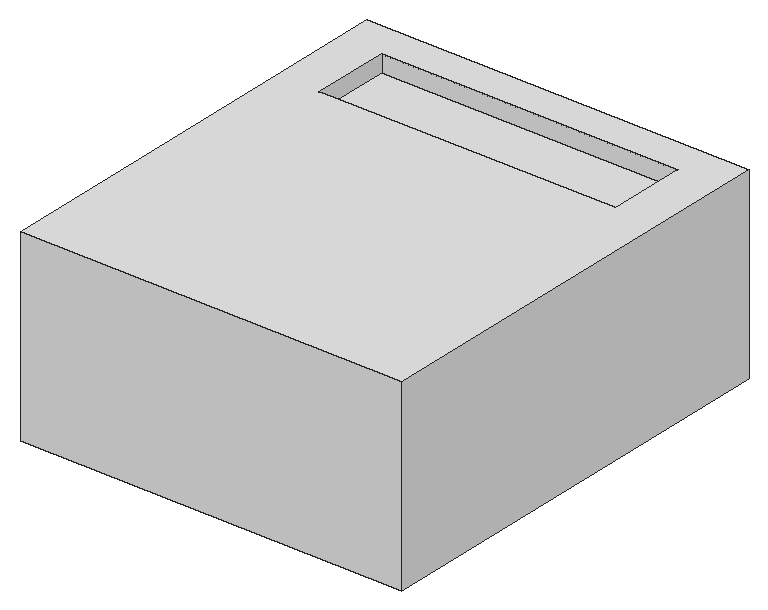
Revit family "Data_Device-Work_Area-Leviton-Surface-Mount-Housing", category Data Devices, host Face, Revit 2024
Family settings
  Host = Face
  Round Connector Dimension = Use Diameter
  Part Type = Normal
  OmniClass Number = 23.85.50.21
  OmniClass Title = Cable Transmission and Reception Equipment
  Cut with Voids When Loaded = No
  Maintain Annotation Orientation = Yes
  Shared = Yes
  Room Calculation Point = No
Parameters (values of type "2-Port")
  z Width = if(z Leviton Type = 1, 2.28000", if(z Leviton Type = 2, 2.25000", if(z Leviton Type = 3, 3.00000", if(z Leviton Type = 4, 3.22000", if(z Leviton Type = 5, 5.20000", if(z Leviton Type = 6, 3.25000", if(z Leviton Type = 12, 5.04000", 3.00000")))))))  # 2.25000"
  z White [instance] = Leviton Color = z Set Color White  # yes
  z Set Color White [instance] = Color Selection : White
  z Set Color Light Almond [instance] = Color Selection : Light Almond
  z Set Color Ivory [instance] = Color Selection : Ivory
  z Set Color Grey [instance] = Color Selection : Grey
  z Set Color Black [instance] = Color Selection : Black
  z Light Almond [instance] = Leviton Color = z Set Color Light Almond  # no
  z Leviton Wallplate Color [instance] = if(and(z White, not(z Light Almond), not(z Ivory), not(z Grey), not(z Black)), 1, if(and(not(z White), z Light Almond, not(z Ivory), not(z Grey), not(z Black)), 2, if(and(not(z White), not(z Light Almond), z Ivory, not(z Grey), not(z Black)), 3, if(and(not(z White), not(z Light Almond), not(z Ivory), z Grey, not(z Black)), 4, if(and(not(z White), not(z Light Almond), not(z Ivory), not(z Grey), z Black), 5, 0)))))  # 1
  z Leviton Type = 2
  z Ivory [instance] = Leviton Color = z Set Color Ivory  # no
  z Has 12 Ports = z Leviton Type = 12  # no
  z Has 06 Ports = z Leviton Type = 6  # no
  z Has 04 S Ports = z Leviton Type = 5  # no
  z Has 04 Ports = z Leviton Type = 4  # no
  z Has 02 S Ports = z Leviton Type = 3  # no
  z Has 02 Ports = z Leviton Type = 2  # yes
  z Has 01 Port = z Leviton Type = 1  # no
  z Grey [instance] = Leviton Color = z Set Color Grey  # no
  z Distance = if(z Collapse, 0.00000", 6.00000")  # 0.00000"
  z Depth = if(z Leviton Type = 1, 1.01000", if(z Leviton Type = 2, 1.10000", if(z Leviton Type = 3, 1.22000", if(z Leviton Type = 4, 1.05000", if(z Leviton Type = 5, 1.22000", if(z Leviton Type = 6, 1.09000", if(z Leviton Type = 12, 1.12000", 1.20000")))))))  # 1.10000"
  z Collapse = yes
  z Black [instance] = Leviton Color = z Set Color Black  # no
  Width [instance] = z Width  # 2.25000"
  URL = "http://www.leviton.com/networksolutions"
  UPC Code [instance] = ""
  Type Comments = ""
  Technical Support Phone Number = "1-800-824-3005"  # constant formula
  Shielded = or(z Leviton Type = 3, z Leviton Type = 5)  # no
  Serial Number [instance] = ""
  Quantity per Package = 0
  Product Documentation Link = "http://www.leviton.com/OA_HTML/SectionDisplay.jsp?section=42100&minisite=10251&page=2"
  Port Count [instance] = 0
  Plenum Rated = or(z Leviton Type = 1, z Leviton Type = 2)  # yes
  Part Number [instance] = if(and(z Leviton Wallplate Color = 1, z Leviton Type = 1), "41089-1WP", if(and(z Leviton Wallplate Color = 1, z Leviton Type = 3), "4S089-2WP", if(and(z Leviton Wallplate Color = 1, z Leviton Type = 2), "41089-2WP", if(and(z Leviton Wallplate Color = 1, z Leviton Type = 5), "4S089-4WP", if(and(z Leviton Wallplate Color = 1, z Leviton Type = 4), "41089-4WP", if(and(z Leviton Wallplate Color = 1, z Leviton Type = 6), "41089-6WP", if(and(z Leviton Wallplate Color = 1, z Leviton Type = 12), "41089-12W", if(and(z Leviton Wallplate Color = 2, z Leviton Type = 2), "41089-2TP", if(and(z Leviton Wallplate Color = 3, z Leviton Type = 1), "41089-1IP", if(and(z Leviton Wallplate Color = 3, z Leviton Type = 3), "4S089-2IP", if(and(z Leviton Wallplate Color = 3, z Leviton Type = 2), "41089-2IP", if(and(z Leviton Wallplate Color = 3, z Leviton Type = 5), "4S089-4IP", if(and(z Leviton Wallplate Color = 3, z Leviton Type = 4), "41089-4IP", if(and(z Leviton Wallplate Color = 3, z Leviton Type = 6), "41089-6IP", if(and(z Leviton Wallplate Color = 3, z Leviton Type = 12), "41089-12I", if(and(z Leviton Wallplate Color = 4, z Leviton Type = 1), "41089-1GP", if(and(z Leviton Wallplate Color = 4, z Leviton Type = 2), "41089-2GP", if(and(z Leviton Wallplate Color = 4, z Leviton Type = 4), "41089-4GP", if(and(z Leviton Wallplate Color = 4, z Leviton Type = 6), "41089-6GP", if(and(z Leviton Wallplate Color = 4, z Leviton Type = 12), "41089-12G", if(and(z Leviton Wallplate Color = 5, z Leviton Type = 1), "41089-1EP", if(and(z Leviton Wallplate Color = 5, z Leviton Type = 2), "41089-2EP", if(and(z Leviton Wallplate Color = 5, z Leviton Type = 4), "41089-4EP", if(and(z Leviton Wallplate Color = 5, z Leviton Type = 6), "41089-6EP", if(and(z Leviton Wallplate Color = 5, z Leviton Type = 12), "41089-12E", "Error: Please verify that the selected options are available \r\r\nand try again.")))))))))))))))))))))))))  # "41089-2WP"
  Part Description = Description  # "Surface-Mount QuickPort Box"
  Original Creation Date = "February 18, 2016"  # constant formula
  Model Disclaimer = "http://www.leviton.com/BIMterms"
  Model = " "
  Minimum Order Quantity = 0
  Manufacturer = "Leviton"  # constant formula
  Leviton Color [instance] = Color Selection : White
  Height [instance] = if(z Leviton Type = 1, 1.41000", if(z Leviton Type = 2, 2.55000", if(z Leviton Type = 3, 2.50000", if(z Leviton Type = 4, 4.78000", if(z Leviton Type = 5, 5.60000", if(z Leviton Type = 6, 6.55000", if(z Leviton Type = 12, 7.44000", 6.00000")))))))  # 2.55000"
  Family Version = "1.0.0"  # constant formula
  Equipment Type = ""
  Equipment Abbreviation = "QPSM"  # constant formula
  Description = "Surface-Mount QuickPort Box"
  Default Elevation = 18.00000"
  Date Last Modified = "January 1, 2017"  # constant formula
  Copyright = "Copyright © 2012-2017 Leviton Manufacturing Co., Inc."  # constant formula
  Check for Latest Version = "http://www.leviton.com/OA_HTML/SectionDisplay.jsp?section=42915&minisite=10251"
  Channel Count [instance] = 0
  Buy America Act [instance] = yes
  Assembly Code = "D5030600"
  Annotation Symbol is Visible = yes
  Annotation Symbol [instance] = Symbol : Data
Types (7): name | z Width | z Leviton Type | z Has 12 Ports | z Has 06 Ports | z Has 04 S Ports | z Has 04 Ports | z Has 02 S Ports | z Has 02 Ports | z Has 01 Port | z Depth | Width | Shielded | Plenum Rated | Part Number | Height
  4-Port | 3.22000" | 4 | no | no | no | yes | no | no | no | 1.05000" | 3.22000" | no | no | "41089-4WP" | 4.78000"
  6-Port | 3.25000" | 6 | no | yes | no | no | no | no | no | 1.09000" | 3.25000" | no | no | "41089-6WP" | 6.55000"
  2-Port | 2.25000" | 2 | no | no | no | no | no | yes | no | 1.10000" | 2.25000" | no | yes | "41089-2WP" | 2.55000"
  1-Port | 2.28000" | 1 | no | no | no | no | no | no | yes | 1.01000" | 2.28000" | no | yes | "41089-1WP" | 1.41000"
  12-Port | 5.04000" | 12 | yes | no | no | no | no | no | no | 1.12000" | 5.04000" | no | no | "41089-12W" | 7.44000"
  4-Port, Shielded | 5.20000" | 5 | no | no | yes | no | no | no | no | 1.22000" | 5.20000" | yes | no | "4S089-4WP" | 5.60000"
  2-Port, Shielded | 3.00000" | 3 | no | no | no | no | yes | no | no | 1.22000" | 3.00000" | yes | no | "4S089-2WP" | 2.50000"
Reference planes (in)
  plane 1 "Center (Front/Back)": y = 0.3225
  plane 2 "Mounting Surface": z = 0
  plane 3 "Center (Left/Right)": x = -0.9065
  plane 4 "Front": z = 1.1
  plane 5: y = -0.9525
  plane 6 "Left": x = -2.0315
  plane 7 "Right": x = 0.2185
  plane 8: y = 1.5975
  plane 9: y = -0.9525
  plane 10: y = -0.9525
  plane 11: y = -0.9525
  plane 12: y = -0.9525
  plane 13: y = 1.5975
  plane 14: y = 1.5975
  plane 15: y = 1.5975
  plane 16 "Top": y = 1.5975
  plane 17 "Bottom": y = -0.9525
  plane 18 "Void Collector": z = -1.03
  plane 19 "Masking": z = 0.05
Forms (in)
  Extrusion 1, solid, not visible, detail levels fine
    sketch origin (0, 0, 0) x (1, 0, 0) y (0, 1, 0)
      loop
        line (-5.103, 3.3225) -> (-5.103, -2.6775) -> (3.29, -2.6775) -> (3.29, 3.3225) -> (-5.103, 3.3225)
    from 0 to -1.03
  Extrusion 2, solid, material "Plastic - Leviton - White", visible <- "z White"
    sketch origin (0, 33, 0) x (1, 0, 0) y (0, 1, 0)
      loop
        line (-2.0315, -31.4025) -> (-2.0315, -33.9525) -> (0.2185, -33.9525) -> (0.2185, -31.4025) -> (-2.0315, -31.4025)
    from 0 to 1.1
  Extrusion 3, solid, material "Plastic - Leviton - Light Almond", visible <- "z Light Almond"
    sketch origin (0, 25.5, 0) x (1, 0, 0) y (0, 1, 0)
      loop
        line (-2.0315, -23.9025) -> (-2.0315, -26.4525) -> (0.2185, -26.4525) -> (0.2185, -23.9025) -> (-2.0315, -23.9025)
    from 0 to 1.1
  Extrusion 4, solid, material "Plastic - Leviton - Ivory", visible <- "z Ivory"
    sketch origin (0, 18.75, 0) x (1, 0, 0) y (0, 1, 0)
      loop
        line (-2.0315, -17.1525) -> (-2.0315, -19.7025) -> (0.2185, -19.7025) -> (0.2185, -17.1525) -> (-2.0315, -17.1525)
    from 0 to 1.1
  Extrusion 5, solid, material "Plastic - Leviton - Grey", visible <- "z Grey"
    sketch origin (0, 11.75, 0) x (1, 0, 0) y (0, 1, 0)
      loop
        line (-2.0315, -10.1525) -> (-2.0315, -12.7025) -> (0.2185, -12.7025) -> (0.2185, -10.1525) -> (-2.0315, -10.1525)
    from 0 to 1.1
  Extrusion 6, solid, material "Plastic - Leviton - Black", visible <- "z Black"
    sketch origin (0, 3, 0) x (1, 0, 0) y (0, 1, 0)
      loop
        line (-2.0315, -1.4025) -> (-2.0315, -3.9525) -> (0.2185, -3.9525) -> (0.2185, -1.4025) -> (-2.0315, -1.4025)
    from 0 to 1.1
  Extrusion 7, void
    sketch origin (1.10031, -0.12477, 0.08) x (-1, 0, 0) y (0, -1, 0)
      loop
        line (2.87998, -1.51969) -> (2.87998, -1.05978) -> (1.13363, -1.05978) -> (1.13363, -1.51969) -> (2.87998, -1.51969)
    from 0.92 to 1.02
Cuts and joins
  Extrusion 7 cuts Extrusion 6
  Extrusion 7 cuts Extrusion 5
  Extrusion 7 cuts Extrusion 4
  Extrusion 7 cuts Extrusion 3
  Extrusion 7 cuts Extrusion 2
Lines and regions (in)
  Masking region 1, detail levels coarse+medium
    outline origin (0.2185, 0, 0) x (0, -1, 0) y (0, 0, 1)
      loop
        line (-1.5975, 1.1) -> (-1.5975, 0) -> (0.9525, 0) -> (0.9525, 1.1) -> (-1.5975, 1.1)
  Masking region 2, detail levels coarse+medium
    outline origin (-2.0315, 0, 0) x (0, -1, 0) y (0, 0, 1)
      loop
        line (0.9525, 0) -> (0.9525, 1.1) -> (-1.5975, 1.1) -> (-1.5975, 0) -> (0.9525, 0)
  Masking region 3
    outline origin (0, 1.5975, 0) x (-1, 0, 0) y (0, 0, 1)
      loop
        line (2.0315, 0) -> (2.0315, 1.1) -> (-0.2185, 1.1) -> (-0.2185, 0) -> (2.0315, 0)
  Masking region 4
    outline origin (0.2185, 0, 0) x (0, -1, 0) y (0, 0, 1)
      loop
        line (0.9525, 1.1) -> (-1.5975, 1.1) -> (-1.5975, 0) -> (0.9525, 0) -> (0.9525, 1.1)
  Masking region 5
    outline origin (0, -0.9525, 0) x (-1, 0, 0) y (0, 0, 1)
      loop
        line (-0.2185, 1.1) -> (-0.2185, 0) -> (2.0315, 0) -> (2.0315, 1.1) -> (-0.2185, 1.1)
  Masking region 6
    outline origin (0, 0, 0.05) x (-1, 0, 0) y (0, -1, 0)
      loop
        line (2.0315, -1.5975) -> (2.0315, 0.9525) -> (-0.2185, 0.9525) -> (-0.2185, -1.5975) -> (2.0315, -1.5975)
  symbolic lines, style "Wallplates"
    curve 1: line (0.2185, -0.9525, 1.1) -> (0.2185, 1.5975, 1.1)
    curve 2: line (0.2185, -0.9525, 0) -> (0.2185, -0.9525, 1.1)
    curve 3: line (0.2185, 1.5975, 0) -> (0.2185, -0.9525, 0)
    curve 4: line (0.2185, 1.5975, 1.1) -> (0.2185, 1.5975, 0)
    curve 5: line (-2.0315, 1.5975, 1.1) -> (-2.0315, -0.9525, 1.1)
    curve 6: line (-2.0315, 1.5975, 0) -> (-2.0315, 1.5975, 1.1)
    curve 7: line (-2.0315, -0.9525, 0) -> (-2.0315, 1.5975, 0)
    curve 8: line (-2.0315, -0.9525, 1.1) -> (-2.0315, -0.9525, 0)
  model lines, style "Host", visible <- "z Has 06 Ports", detail levels medium+fine
    curve 9: line (0.2185, -2.65869, 0.23832) -> (0.2185, -2.07789, 0.23832)
    curve 10: line (0.2185, -2.65869, 0.93828) -> (0.2185, -2.65869, 0.23832)
    curve 11: line (0.2185, -2.07789, 0.93828) -> (0.2185, -2.65869, 0.93828)
    curve 12: line (0.2185, -2.07789, 0.23832) -> (0.2185, -2.07789, 0.93828)
    curve 13: line (0.2185, -1.72073, 0.23832) -> (0.2185, -1.13993, 0.23832)
    curve 14: line (0.2185, -1.72073, 0.93828) -> (0.2185, -1.72073, 0.23832)
    curve 15: line (0.2185, -1.13993, 0.93828) -> (0.2185, -1.72073, 0.93828)
    curve 16: line (0.2185, -1.13993, 0.23832) -> (0.2185, -1.13993, 0.93828)
    curve 17: line (0.2185, -0.78278, 0.23832) -> (0.2185, -0.20198, 0.23832)
    curve 18: line (0.2185, -0.78278, 0.93828) -> (0.2185, -0.78278, 0.23832)
    curve 19: line (0.2185, -0.20198, 0.93828) -> (0.2185, -0.78278, 0.93828)
    curve 20: line (0.2185, -0.20198, 0.23832) -> (0.2185, -0.20198, 0.93828)
    curve 21: line (0.2185, 0.15517, 0.23832) -> (0.2185, 0.73597, 0.23832)
    curve 22: line (0.2185, 0.15517, 0.93828) -> (0.2185, 0.15517, 0.23832)
    curve 23: line (0.2185, 0.73597, 0.93828) -> (0.2185, 0.15517, 0.93828)
    curve 24: line (0.2185, 0.73597, 0.23832) -> (0.2185, 0.73597, 0.93828)
    curve 25: line (0.2185, 1.09313, 0.23832) -> (0.2185, 1.67393, 0.23832)
    curve 26: line (0.2185, 1.09313, 0.93828) -> (0.2185, 1.09313, 0.23832)
    curve 27: line (0.2185, 1.67393, 0.93828) -> (0.2185, 1.09313, 0.93828)
    curve 28: line (0.2185, 1.67393, 0.23832) -> (0.2185, 1.67393, 0.93828)
    curve 29: line (0.2185, 2.03108, 0.23832) -> (0.2185, 2.61188, 0.23832)
    curve 30: line (0.2185, 2.03108, 0.93828) -> (0.2185, 2.03108, 0.23832)
    curve 31: line (0.2185, 2.61188, 0.93828) -> (0.2185, 2.03108, 0.93828)
    curve 32: line (0.2185, 2.61188, 0.23832) -> (0.2185, 2.61188, 0.93828)
  model lines, style "Host", visible <- "z Has 06 Ports", not visible, detail levels medium+fine
    curve 33: line (0.2185, -2.65869, 0.23832) -> (0.2185, -2.07789, 0.23832)
    curve 34: line (0.2185, -2.65869, 0.93828) -> (0.2185, -2.65869, 0.23832)
    curve 35: line (0.2185, -2.07789, 0.93828) -> (0.2185, -2.65869, 0.93828)
    curve 36: line (0.2185, -2.07789, 0.23832) -> (0.2185, -2.07789, 0.93828)
    curve 37: line (0.2185, -1.72073, 0.23832) -> (0.2185, -1.13993, 0.23832)
    curve 38: line (0.2185, -1.72073, 0.93828) -> (0.2185, -1.72073, 0.23832)
    curve 39: line (0.2185, -1.13993, 0.93828) -> (0.2185, -1.72073, 0.93828)
    curve 40: line (0.2185, -1.13993, 0.23832) -> (0.2185, -1.13993, 0.93828)
    curve 41: line (0.2185, -0.78278, 0.23832) -> (0.2185, -0.20198, 0.23832)
    curve 42: line (0.2185, -0.78278, 0.93828) -> (0.2185, -0.78278, 0.23832)
    curve 43: line (0.2185, -0.20198, 0.93828) -> (0.2185, -0.78278, 0.93828)
    curve 44: line (0.2185, -0.20198, 0.23832) -> (0.2185, -0.20198, 0.93828)
    curve 45: line (0.2185, 0.15517, 0.23832) -> (0.2185, 0.73597, 0.23832)
    curve 46: line (0.2185, 0.15517, 0.93828) -> (0.2185, 0.15517, 0.23832)
    curve 47: line (0.2185, 0.73597, 0.93828) -> (0.2185, 0.15517, 0.93828)
    curve 48: line (0.2185, 0.73597, 0.23832) -> (0.2185, 0.73597, 0.93828)
    curve 49: line (0.2185, 1.09313, 0.23832) -> (0.2185, 1.67393, 0.23832)
    curve 50: line (0.2185, 1.09313, 0.93828) -> (0.2185, 1.09313, 0.23832)
    curve 51: line (0.2185, 1.67393, 0.93828) -> (0.2185, 1.09313, 0.93828)
    curve 52: line (0.2185, 1.67393, 0.23832) -> (0.2185, 1.67393, 0.93828)
    curve 53: line (0.2185, 2.03108, 0.23832) -> (0.2185, 2.61188, 0.23832)
    curve 54: line (0.2185, 2.03108, 0.93828) -> (0.2185, 2.03108, 0.23832)
    curve 55: line (0.2185, 2.61188, 0.93828) -> (0.2185, 2.03108, 0.93828)
    curve 56: line (0.2185, 2.61188, 0.23832) -> (0.2185, 2.61188, 0.93828)
  model lines, style "Host", visible <- "z Has 04 S Ports", detail levels medium+fine
    curve 57: line (0.2185, -1.36912, 0.977) -> (0.2185, -0.79149, 0.977)
    curve 58: line (0.2185, -1.36912, 0.32236) -> (0.2185, -1.36912, 0.977)
    curve 59: line (0.2185, -0.79149, 0.32236) -> (0.2185, -1.36912, 0.32236)
    curve 60: line (0.2185, -0.79149, 0.977) -> (0.2185, -0.79149, 0.32236)
    curve 61: line (0.2185, -0.43391, 0.977) -> (0.2185, 0.14372, 0.977)
    curve 62: line (0.2185, -0.43391, 0.32236) -> (0.2185, -0.43391, 0.977)
    curve 63: line (0.2185, 0.14372, 0.32236) -> (0.2185, -0.43391, 0.32236)
    curve 64: line (0.2185, 0.14372, 0.977) -> (0.2185, 0.14372, 0.32236)
    curve 65: line (0.2185, 0.5013, 0.977) -> (0.2185, 1.07893, 0.977)
    curve 66: line (0.2185, 0.5013, 0.32236) -> (0.2185, 0.5013, 0.977)
    curve 67: line (0.2185, 1.07893, 0.32236) -> (0.2185, 0.5013, 0.32236)
    curve 68: line (0.2185, 1.07893, 0.977) -> (0.2185, 1.07893, 0.32236)
    curve 69: line (0.2185, 1.43651, 0.977) -> (0.2185, 2.01413, 0.977)
    curve 70: line (0.2185, 1.43651, 0.32236) -> (0.2185, 1.43651, 0.977)
    curve 71: line (0.2185, 2.01413, 0.32236) -> (0.2185, 1.43651, 0.32236)
    curve 72: line (0.2185, 2.01413, 0.977) -> (0.2185, 2.01413, 0.32236)
  model lines, style "Host", visible <- "z Has 04 S Ports", not visible, detail levels medium+fine
    curve 73: line (0.2185, -1.36912, 0.977) -> (0.2185, -0.79149, 0.977)
    curve 74: line (0.2185, -1.36912, 0.32236) -> (0.2185, -1.36912, 0.977)
    curve 75: line (0.2185, -0.79149, 0.32236) -> (0.2185, -1.36912, 0.32236)
    curve 76: line (0.2185, -0.79149, 0.977) -> (0.2185, -0.79149, 0.32236)
    curve 77: line (0.2185, -0.43391, 0.977) -> (0.2185, 0.14372, 0.977)
    curve 78: line (0.2185, -0.43391, 0.32236) -> (0.2185, -0.43391, 0.977)
    curve 79: line (0.2185, 0.14372, 0.32236) -> (0.2185, -0.43391, 0.32236)
    curve 80: line (0.2185, 0.14372, 0.977) -> (0.2185, 0.14372, 0.32236)
    curve 81: line (0.2185, 0.5013, 0.977) -> (0.2185, 1.07893, 0.977)
    curve 82: line (0.2185, 0.5013, 0.32236) -> (0.2185, 0.5013, 0.977)
    curve 83: line (0.2185, 1.07893, 0.32236) -> (0.2185, 0.5013, 0.32236)
    curve 84: line (0.2185, 1.07893, 0.977) -> (0.2185, 1.07893, 0.32236)
    curve 85: line (0.2185, 1.43651, 0.977) -> (0.2185, 2.01413, 0.977)
    curve 86: line (0.2185, 1.43651, 0.32236) -> (0.2185, 1.43651, 0.977)
    curve 87: line (0.2185, 2.01413, 0.32236) -> (0.2185, 1.43651, 0.32236)
    curve 88: line (0.2185, 2.01413, 0.977) -> (0.2185, 2.01413, 0.32236)
  model lines, style "Host", visible <- "z Has 04 Ports", detail levels medium+fine
    curve 89: line (0.2185, -1.64215, 0.233) -> (0.2185, -1.06315, 0.233)
    curve 90: line (0.2185, -1.64215, 0.873) -> (0.2185, -1.64215, 0.233)
    curve 91: line (0.2185, -1.06315, 0.873) -> (0.2185, -1.64215, 0.873)
    curve 92: line (0.2185, -1.06315, 0.233) -> (0.2185, -1.06315, 0.873)
    curve 93: line (0.2185, -0.70415, 0.233) -> (0.2185, -0.12515, 0.233)
    curve 94: line (0.2185, -0.70415, 0.873) -> (0.2185, -0.70415, 0.233)
    curve 95: line (0.2185, -0.12515, 0.873) -> (0.2185, -0.70415, 0.873)
    curve 96: line (0.2185, -0.12515, 0.233) -> (0.2185, -0.12515, 0.873)
    curve 97: line (0.2185, 0.23385, 0.233) -> (0.2185, 0.81285, 0.233)
    curve 98: line (0.2185, 0.23385, 0.873) -> (0.2185, 0.23385, 0.233)
    curve 99: line (0.2185, 0.81285, 0.873) -> (0.2185, 0.23385, 0.873)
    curve 100: line (0.2185, 0.81285, 0.233) -> (0.2185, 0.81285, 0.873)
    curve 101: line (0.2185, 1.17185, 0.233) -> (0.2185, 1.75085, 0.233)
    curve 102: line (0.2185, 1.17185, 0.873) -> (0.2185, 1.17185, 0.233)
    curve 103: line (0.2185, 1.75085, 0.873) -> (0.2185, 1.17185, 0.873)
    curve 104: line (0.2185, 1.75085, 0.233) -> (0.2185, 1.75085, 0.873)
  model lines, style "Host", visible <- "z Has 04 Ports", not visible, detail levels medium+fine
    curve 105: line (0.2185, -1.64215, 0.233) -> (0.2185, -1.06315, 0.233)
    curve 106: line (0.2185, -1.64215, 0.873) -> (0.2185, -1.64215, 0.233)
    curve 107: line (0.2185, -1.06315, 0.873) -> (0.2185, -1.64215, 0.873)
    curve 108: line (0.2185, -1.06315, 0.233) -> (0.2185, -1.06315, 0.873)
    curve 109: line (0.2185, -0.70415, 0.233) -> (0.2185, -0.12515, 0.233)
    curve 110: line (0.2185, -0.70415, 0.873) -> (0.2185, -0.70415, 0.233)
    curve 111: line (0.2185, -0.12515, 0.873) -> (0.2185, -0.70415, 0.873)
    curve 112: line (0.2185, -0.12515, 0.233) -> (0.2185, -0.12515, 0.873)
    curve 113: line (0.2185, 0.23385, 0.233) -> (0.2185, 0.81285, 0.233)
    curve 114: line (0.2185, 0.23385, 0.873) -> (0.2185, 0.23385, 0.233)
    curve 115: line (0.2185, 0.81285, 0.873) -> (0.2185, 0.23385, 0.873)
    curve 116: line (0.2185, 0.81285, 0.233) -> (0.2185, 0.81285, 0.873)
    curve 117: line (0.2185, 1.17185, 0.233) -> (0.2185, 1.75085, 0.233)
    curve 118: line (0.2185, 1.17185, 0.873) -> (0.2185, 1.17185, 0.233)
    curve 119: line (0.2185, 1.75085, 0.873) -> (0.2185, 1.17185, 0.873)
    curve 120: line (0.2185, 1.75085, 0.233) -> (0.2185, 1.75085, 0.873)
  model lines, style "Host", visible <- "z Has 02 S Ports", detail levels medium+fine
    curve 121: line (0.2185, -0.60137, 0.32583) -> (0.2185, -0.01751, 0.32583)
    curve 122: line (0.2185, -0.60137, 0.98755) -> (0.2185, -0.60137, 0.32583)
    curve 123: line (0.2185, -0.01751, 0.98755) -> (0.2185, -0.60137, 0.98755)
    curve 124: line (0.2185, -0.01751, 0.32583) -> (0.2185, -0.01751, 0.98755)
    curve 125: line (0.2185, 1.24637, 0.32583) -> (0.2185, 0.66251, 0.32583)
    curve 126: line (0.2185, 1.24637, 0.98755) -> (0.2185, 1.24637, 0.32583)
    curve 127: line (0.2185, 0.66251, 0.98755) -> (0.2185, 1.24637, 0.98755)
    curve 128: line (0.2185, 0.66251, 0.32583) -> (0.2185, 0.66251, 0.98755)
  model lines, style "Host", visible <- "z Has 02 S Ports", not visible, detail levels medium+fine
    curve 129: line (0.2185, -0.60137, 0.32583) -> (0.2185, -0.01751, 0.32583)
    curve 130: line (0.2185, -0.60137, 0.98755) -> (0.2185, -0.60137, 0.32583)
    curve 131: line (0.2185, -0.01751, 0.98755) -> (0.2185, -0.60137, 0.98755)
    curve 132: line (0.2185, -0.01751, 0.32583) -> (0.2185, -0.01751, 0.98755)
    curve 133: line (0.2185, 1.24637, 0.32583) -> (0.2185, 0.66251, 0.32583)
    curve 134: line (0.2185, 1.24637, 0.98755) -> (0.2185, 1.24637, 0.32583)
    curve 135: line (0.2185, 0.66251, 0.98755) -> (0.2185, 1.24637, 0.98755)
    curve 136: line (0.2185, 0.66251, 0.32583) -> (0.2185, 0.66251, 0.98755)
  model lines, style "Host", visible <- "z Has 02 Ports", detail levels medium+fine
    curve 137: line (0.2185, -0.58568, 0.23286) -> (0.2185, -0.00389, 0.23286)
    curve 138: line (0.2185, -0.58568, 0.87247) -> (0.2185, -0.58568, 0.23286)
    curve 139: line (0.2185, -0.00389, 0.87247) -> (0.2185, -0.58568, 0.87247)
    curve 140: line (0.2185, -0.00389, 0.23286) -> (0.2185, -0.00389, 0.87247)
    curve 141: line (0.2185, 1.23068, 0.23286) -> (0.2185, 0.64889, 0.23286)
    curve 142: line (0.2185, 1.23068, 0.87247) -> (0.2185, 1.23068, 0.23286)
    curve 143: line (0.2185, 0.64889, 0.87247) -> (0.2185, 1.23068, 0.87247)
    curve 144: line (0.2185, 0.64889, 0.23286) -> (0.2185, 0.64889, 0.87247)
  model lines, style "Host", visible <- "z Has 02 Ports", not visible, detail levels medium+fine
    curve 145: line (0.2185, -0.58568, 0.23286) -> (0.2185, -0.00389, 0.23286)
    curve 146: line (0.2185, -0.58568, 0.87247) -> (0.2185, -0.58568, 0.23286)
    curve 147: line (0.2185, -0.00389, 0.87247) -> (0.2185, -0.58568, 0.87247)
    curve 148: line (0.2185, -0.00389, 0.23286) -> (0.2185, -0.00389, 0.87247)
    curve 149: line (0.2185, 1.23068, 0.23286) -> (0.2185, 0.64889, 0.23286)
    curve 150: line (0.2185, 1.23068, 0.87247) -> (0.2185, 1.23068, 0.23286)
    curve 151: line (0.2185, 0.64889, 0.87247) -> (0.2185, 1.23068, 0.87247)
    curve 152: line (0.2185, 0.64889, 0.23286) -> (0.2185, 0.64889, 0.87247)
  model lines, style "Host", visible <- "z Has 01 Port", detail levels medium+fine
    curve 153: line (0.2185, 0.61443, 0.86863) -> (0.2185, 0.03057, 0.86863)
    curve 154: line (0.2185, 0.61443, 0.22178) -> (0.2185, 0.61443, 0.86863)
    curve 155: line (0.2185, 0.03057, 0.22178) -> (0.2185, 0.61443, 0.22178)
    curve 156: line (0.2185, 0.03057, 0.22178) -> (0.2185, 0.03057, 0.86863)
  model lines, style "Host", visible <- "z Has 01 Port", not visible, detail levels medium+fine
    curve 157: line (0.2185, 0.61443, 0.86863) -> (0.2185, 0.03057, 0.86863)
    curve 158: line (0.2185, 0.61443, 0.22178) -> (0.2185, 0.61443, 0.86863)
    curve 159: line (0.2185, 0.03057, 0.22178) -> (0.2185, 0.61443, 0.22178)
    curve 160: line (0.2185, 0.03057, 0.22178) -> (0.2185, 0.03057, 0.86863)
  model lines, style "Host", visible <- "z Has 12 Ports", detail levels medium+fine
    curve 161: line (-2.0315, -1.65218, 0.263) -> (-2.0315, -1.07282, 0.263)
    curve 162: line (-2.0315, -1.65218, 0.903) -> (-2.0315, -1.65218, 0.263)
    curve 163: line (-2.0315, -1.07282, 0.903) -> (-2.0315, -1.65218, 0.903)
    curve 164: line (-2.0315, -1.07282, 0.263) -> (-2.0315, -1.07282, 0.903)
    curve 165: line (-2.0315, -0.71418, 0.263) -> (-2.0315, -0.13482, 0.263)
    curve 166: line (-2.0315, -0.71418, 0.903) -> (-2.0315, -0.71418, 0.263)
    curve 167: line (-2.0315, -0.13482, 0.903) -> (-2.0315, -0.71418, 0.903)
    curve 168: line (-2.0315, -0.13482, 0.263) -> (-2.0315, -0.13482, 0.903)
    curve 169: line (-2.0315, 0.22382, 0.263) -> (-2.0315, 0.80318, 0.263)
    curve 170: line (-2.0315, 0.22382, 0.903) -> (-2.0315, 0.22382, 0.263)
    curve 171: line (-2.0315, 0.80318, 0.903) -> (-2.0315, 0.22382, 0.903)
    curve 172: line (-2.0315, 0.80318, 0.263) -> (-2.0315, 0.80318, 0.903)
    curve 173: line (-2.0315, 1.16182, 0.263) -> (-2.0315, 1.74118, 0.263)
    curve 174: line (-2.0315, 1.16182, 0.903) -> (-2.0315, 1.16182, 0.263)
    curve 175: line (-2.0315, 1.74118, 0.903) -> (-2.0315, 1.16182, 0.903)
    curve 176: line (-2.0315, 1.74118, 0.263) -> (-2.0315, 1.74118, 0.903)
    curve 177: line (-2.0315, 2.09982, 0.263) -> (-2.0315, 2.67918, 0.263)
    curve 178: line (-2.0315, 2.09982, 0.903) -> (-2.0315, 2.09982, 0.263)
    curve 179: line (-2.0315, 2.67918, 0.903) -> (-2.0315, 2.09982, 0.903)
    curve 180: line (-2.0315, 2.67918, 0.263) -> (-2.0315, 2.67918, 0.903)
    curve 181: line (-2.0315, 3.03782, 0.263) -> (-2.0315, 3.61718, 0.263)
    curve 182: line (-2.0315, 3.03782, 0.903) -> (-2.0315, 3.03782, 0.263)
    curve 183: line (-2.0315, 3.61718, 0.903) -> (-2.0315, 3.03782, 0.903)
    curve 184: line (-2.0315, 3.61718, 0.263) -> (-2.0315, 3.61718, 0.903)
    curve 217: line (0.2185, -1.65218, 0.263) -> (0.2185, -1.07282, 0.263)
    curve 218: line (0.2185, -1.65218, 0.903) -> (0.2185, -1.65218, 0.263)
    curve 219: line (0.2185, -1.07282, 0.903) -> (0.2185, -1.65218, 0.903)
    curve 220: line (0.2185, -1.07282, 0.263) -> (0.2185, -1.07282, 0.903)
    curve 221: line (0.2185, -0.71418, 0.263) -> (0.2185, -0.13482, 0.263)
    curve 222: line (0.2185, -0.71418, 0.903) -> (0.2185, -0.71418, 0.263)
    curve 223: line (0.2185, -0.13482, 0.903) -> (0.2185, -0.71418, 0.903)
    curve 224: line (0.2185, -0.13482, 0.263) -> (0.2185, -0.13482, 0.903)
    curve 225: line (0.2185, 0.22382, 0.263) -> (0.2185, 0.80318, 0.263)
    curve 226: line (0.2185, 0.22382, 0.903) -> (0.2185, 0.22382, 0.263)
    curve 227: line (0.2185, 0.80318, 0.903) -> (0.2185, 0.22382, 0.903)
    curve 228: line (0.2185, 0.80318, 0.263) -> (0.2185, 0.80318, 0.903)
    curve 229: line (0.2185, 1.16182, 0.263) -> (0.2185, 1.74118, 0.263)
    curve 230: line (0.2185, 1.16182, 0.903) -> (0.2185, 1.16182, 0.263)
    curve 231: line (0.2185, 1.74118, 0.903) -> (0.2185, 1.16182, 0.903)
    curve 232: line (0.2185, 1.74118, 0.263) -> (0.2185, 1.74118, 0.903)
    curve 233: line (0.2185, 2.09982, 0.263) -> (0.2185, 2.67918, 0.263)
    curve 234: line (0.2185, 2.09982, 0.903) -> (0.2185, 2.09982, 0.263)
    curve 235: line (0.2185, 2.67918, 0.903) -> (0.2185, 2.09982, 0.903)
    curve 236: line (0.2185, 2.67918, 0.263) -> (0.2185, 2.67918, 0.903)
    curve 237: line (0.2185, 3.03782, 0.263) -> (0.2185, 3.61718, 0.263)
    curve 238: line (0.2185, 3.03782, 0.903) -> (0.2185, 3.03782, 0.263)
    curve 239: line (0.2185, 3.61718, 0.903) -> (0.2185, 3.03782, 0.903)
    curve 240: line (0.2185, 3.61718, 0.263) -> (0.2185, 3.61718, 0.903)
  model lines, style "Host", visible <- "z Has 12 Ports", not visible, detail levels medium+fine
    curve 185: line (-3.4265, -1.65218, 0.263) -> (-3.4265, -1.07282, 0.263)
    curve 186: line (-3.4265, -1.65218, 0.903) -> (-3.4265, -1.65218, 0.263)
    curve 187: line (-3.4265, -1.07282, 0.903) -> (-3.4265, -1.65218, 0.903)
    curve 188: line (-3.4265, -1.07282, 0.263) -> (-3.4265, -1.07282, 0.903)
    curve 189: line (-3.4265, -0.71418, 0.263) -> (-3.4265, -0.13482, 0.263)
    curve 190: line (-3.4265, -0.71418, 0.903) -> (-3.4265, -0.71418, 0.263)
    curve 191: line (-3.4265, -0.13482, 0.903) -> (-3.4265, -0.71418, 0.903)
    curve 192: line (-3.4265, -0.13482, 0.263) -> (-3.4265, -0.13482, 0.903)
    curve 193: line (-3.4265, 0.22382, 0.263) -> (-3.4265, 0.80318, 0.263)
    curve 194: line (-3.4265, 0.22382, 0.903) -> (-3.4265, 0.22382, 0.263)
    curve 195: line (-3.4265, 0.80318, 0.903) -> (-3.4265, 0.22382, 0.903)
    curve 196: line (-3.4265, 0.80318, 0.263) -> (-3.4265, 0.80318, 0.903)
    curve 197: line (-3.4265, 1.16182, 0.263) -> (-3.4265, 1.74118, 0.263)
    curve 198: line (-3.4265, 1.16182, 0.903) -> (-3.4265, 1.16182, 0.263)
    curve 199: line (-3.4265, 1.74118, 0.903) -> (-3.4265, 1.16182, 0.903)
    curve 200: line (-3.4265, 1.74118, 0.263) -> (-3.4265, 1.74118, 0.903)
    curve 201: line (-3.4265, 2.09982, 0.263) -> (-3.4265, 2.67918, 0.263)
    curve 202: line (-3.4265, 2.09982, 0.903) -> (-3.4265, 2.09982, 0.263)
    curve 203: line (-3.4265, 2.67918, 0.903) -> (-3.4265, 2.09982, 0.903)
    curve 204: line (-3.4265, 2.67918, 0.263) -> (-3.4265, 2.67918, 0.903)
    curve 205: line (-3.4265, 3.03782, 0.263) -> (-3.4265, 3.61718, 0.263)
    curve 206: line (-3.4265, 3.03782, 0.903) -> (-3.4265, 3.03782, 0.263)
    curve 207: line (-3.4265, 3.61718, 0.903) -> (-3.4265, 3.03782, 0.903)
    curve 208: line (-3.4265, 3.61718, 0.263) -> (-3.4265, 3.61718, 0.903)
  reference lines, visible <- "z Has 06 Ports"
    curve 209: line (0.2185, -2.36829, 0.93828) -> (0.2185, -2.36829, 0.23832)
    curve 210: line (0.2185, -1.43033, 0.93828) -> (0.2185, -1.43033, 0.23832)
    curve 211: line (0.2185, 2.32148, 0.93828) -> (0.2185, 2.32148, 0.23832)
    curve 212: line (0.2185, 1.38353, 0.93828) -> (0.2185, 1.38353, 0.23832)
    curve 241: line (0.2185, -0.49238, 0.93828) -> (0.2185, -0.49238, 0.23832)
    curve 242: line (0.2185, 0.44557, 0.93828) -> (0.2185, 0.44557, 0.23832)
    curve 245: line (0.2185, -2.65869, 0.5883) -> (0.2185, 2.61188, 0.5883)
  reference lines, visible <- "z Has 06 Ports", not visible
    curve 213: line (0.2185, -2.36829, 0.93828) -> (0.2185, -2.36829, 0.23832)
    curve 214: line (0.2185, -1.43033, 0.93828) -> (0.2185, -1.43033, 0.23832)
    curve 215: line (0.2185, 2.32148, 0.93828) -> (0.2185, 2.32148, 0.23832)
    curve 216: line (0.2185, 1.38353, 0.93828) -> (0.2185, 1.38353, 0.23832)
    curve 243: line (0.2185, -0.49238, 0.93828) -> (0.2185, -0.49238, 0.23832)
    curve 244: line (0.2185, 0.44557, 0.93828) -> (0.2185, 0.44557, 0.23832)
    curve 246: line (0.2185, -2.65869, 0.5883) -> (0.2185, 2.61188, 0.5883)
  reference lines, visible <- "z Has 12 Ports"
    curve 247: line (-2.0315, 3.61718, 0.583) -> (-2.0315, -1.65218, 0.583)
    curve 248: line (-2.0315, 3.3275, 0.903) -> (-2.0315, 3.3275, 0.263)
    curve 249: line (-2.0315, 2.3895, 0.903) -> (-2.0315, 2.3895, 0.263)
    curve 250: line (-2.0315, 1.4515, 0.903) -> (-2.0315, 1.4515, 0.233)
    curve 251: line (-2.0315, 0.5135, 0.903) -> (-2.0315, 0.5135, 0.263)
    curve 252: line (-2.0315, -0.4245, 0.903) -> (-2.0315, -0.4245, 0.263)
    curve 253: line (-2.0315, -1.3625, 0.903) -> (-2.0315, -1.3625, 0.28311)
    curve 261: line (0.2185, 3.61718, 0.583) -> (0.2185, -1.65218, 0.583)
    curve 262: line (0.2185, 3.3275, 0.903) -> (0.2185, 3.3275, 0.263)
    curve 263: line (0.2185, 2.3895, 0.903) -> (0.2185, 2.3895, 0.263)
    curve 264: line (0.2185, 1.4515, 0.903) -> (0.2185, 1.4515, 0.233)
    curve 265: line (0.2185, 0.5135, 0.903) -> (0.2185, 0.5135, 0.263)
    curve 266: line (0.2185, -0.4245, 0.903) -> (0.2185, -0.4245, 0.263)
    curve 267: line (0.2185, -1.3625, 0.903) -> (0.2185, -1.3625, 0.28311)
  reference lines, visible <- "z Has 12 Ports", not visible
    curve 254: line (-3.4265, 3.61718, 0.583) -> (-3.4265, -1.65218, 0.583)
    curve 255: line (-3.4265, 3.3275, 0.903) -> (-3.4265, 3.3275, 0.263)
    curve 256: line (-3.4265, 2.3895, 0.903) -> (-3.4265, 2.3895, 0.263)
    curve 257: line (-3.4265, 1.4515, 0.903) -> (-3.4265, 1.4515, 0.233)
    curve 258: line (-3.4265, 0.5135, 0.903) -> (-3.4265, 0.5135, 0.263)
    curve 259: line (-3.4265, -0.4245, 0.903) -> (-3.4265, -0.4245, 0.263)
    curve 260: line (-3.4265, -1.3625, 0.903) -> (-3.4265, -1.3625, 0.28311)
  reference lines, visible <- "z Has 04 Ports"
    curve 268: line (0.2185, -1.64215, 0.553) -> (0.2185, 1.75085, 0.553)
    curve 269: line (0.2185, -1.35265, 0.873) -> (0.2185, -1.35265, 0.233)
    curve 270: line (0.2185, -0.41465, 0.873) -> (0.2185, -0.41465, 0.233)
    curve 271: line (0.2185, 0.52335, 0.873) -> (0.2185, 0.52335, 0.233)
    curve 272: line (0.2185, 1.46135, 0.873) -> (0.2185, 1.46135, 0.233)
  reference lines, visible <- "z Has 04 Ports", not visible
    curve 273: line (0.2185, -1.64215, 0.553) -> (0.2185, 1.75085, 0.553)
    curve 274: line (0.2185, -1.35265, 0.873) -> (0.2185, -1.35265, 0.233)
    curve 275: line (0.2185, -0.41465, 0.873) -> (0.2185, -0.41465, 0.233)
    curve 276: line (0.2185, 0.52335, 0.873) -> (0.2185, 0.52335, 0.233)
    curve 277: line (0.2185, 1.46135, 0.873) -> (0.2185, 1.46135, 0.233)
  reference lines, visible <- "z Has 04 S Ports"
    curve 278: line (0.2185, -1.36912, 0.64968) -> (0.2185, 2.01413, 0.64968)
    curve 279: line (0.2185, -1.08031, 0.977) -> (0.2185, -1.08031, 0.32236)
    curve 280: line (0.2185, -0.1451, 0.977) -> (0.2185, -0.1451, 0.32236)
    curve 281: line (0.2185, 0.79011, 0.977) -> (0.2185, 0.79011, 0.32236)
    curve 282: line (0.2185, 1.72532, 0.977) -> (0.2185, 1.72532, 0.32236)
  reference lines, visible <- "z Has 04 S Ports", not visible
    curve 283: line (0.2185, -1.36912, 0.64968) -> (0.2185, 2.01413, 0.64968)
    curve 284: line (0.2185, -1.08031, 0.977) -> (0.2185, -1.08031, 0.32236)
    curve 285: line (0.2185, -0.1451, 0.977) -> (0.2185, -0.1451, 0.32236)
    curve 286: line (0.2185, 0.79011, 0.977) -> (0.2185, 0.79011, 0.32236)
    curve 287: line (0.2185, 1.72532, 0.977) -> (0.2185, 1.72532, 0.32236)
  reference lines, visible <- "z Has 02 S Ports"
    curve 288: line (0.2185, -0.60137, 0.65669) -> (0.2185, 1.24637, 0.65669)
    curve 289: line (0.2185, -0.30944, 0.98755) -> (0.2185, -0.30944, 0.32583)
    curve 290: line (0.2185, 0.95444, 0.98755) -> (0.2185, 0.95444, 0.32583)
  reference lines, visible <- "z Has 02 S Ports", not visible
    curve 291: line (0.2185, -0.60137, 0.65669) -> (0.2185, 1.24637, 0.65669)
    curve 292: line (0.2185, -0.30944, 0.98755) -> (0.2185, -0.30944, 0.32583)
    curve 293: line (0.2185, 0.95444, 0.98755) -> (0.2185, 0.95444, 0.32583)
  reference lines, visible <- "z Has 02 Ports"
    curve 294: line (0.2185, -0.58568, 0.55266) -> (0.2185, 1.23068, 0.55266)
    curve 295: line (0.2185, -0.29478, 0.87247) -> (0.2185, -0.29478, 0.23286)
    curve 296: line (0.2185, 0.93978, 0.87247) -> (0.2185, 0.93978, 0.23286)
  reference lines, visible <- "z Has 02 Ports", not visible
    curve 297: line (0.2185, -0.58568, 0.55266) -> (0.2185, 1.23068, 0.55266)
    curve 298: line (0.2185, -0.29478, 0.87247) -> (0.2185, -0.29478, 0.23286)
    curve 299: line (0.2185, 0.93978, 0.87247) -> (0.2185, 0.93978, 0.23286)
  reference lines, visible <- "z Has 01 Port"
    curve 300: line (0.2185, 0.03057, 0.54521) -> (0.2185, 0.61443, 0.54521)
    curve 301: line (0.2185, 0.3225, 0.86863) -> (0.2185, 0.3225, 0.22178)
  reference lines, visible <- "z Has 01 Port", not visible
    curve 302: line (0.2185, 0.03057, 0.54521) -> (0.2185, 0.61443, 0.54521)
    curve 303: line (0.2185, 0.3225, 0.86863) -> (0.2185, 0.3225, 0.22178)
  model lines, style "Wallplates"
    curve 304: line (0.2185, -0.9525, 1.1) -> (-2.0315, -0.9525, 1.1)
    curve 305: line (0.2185, -0.9525, 0) -> (0.2185, -0.9525, 1.1)
    curve 306: line (-2.0315, -0.9525, 0) -> (0.2185, -0.9525, 0)
    curve 307: line (-2.0315, -0.9525, 1.1) -> (-2.0315, -0.9525, 0)
    curve 308: line (0.2185, 1.5975, 1.1) -> (-2.0315, 1.5975, 1.1)
    curve 309: line (0.2185, 1.5975, 0) -> (0.2185, 1.5975, 1.1)
    curve 310: line (-2.0315, 1.5975, 0) -> (0.2185, 1.5975, 0)
    curve 311: line (-2.0315, 1.5975, 1.1) -> (-2.0315, 1.5975, 0)
  model lines, style "Wallplates", detail levels medium+fine
    curve 312: line (-1.77968, 1.39492, 1.1) -> (-0.03332, 1.39492, 1.1)
    curve 313: line (-1.77968, 0.93501, 1.1) -> (-1.77968, 1.39492, 1.1)
    curve 314: line (-0.03332, 0.93501, 1.1) -> (-1.77968, 0.93501, 1.1)
    curve 315: line (-0.03332, 1.39492, 1.1) -> (-0.03332, 0.93501, 1.1)
Dimensions and locks (in)
  "z Depth": plane 4 "Front" to plane 2 "Mounting Surface"
  equal spacing: plane 8, plane 1 "Center (Front/Back)", plane 5
  "Height": plane 8 to plane 5
  "z Distance": plane 5 to plane 9
  "z Distance": plane 9 to plane 10
  "z Distance": plane 10 to plane 11
  "z Distance": plane 11 to plane 12
  "Height": plane 13 to plane 9
  "Height": plane 14 to plane 10
  "Height": plane 15 to plane 11
  "Height": plane 16 "Top" to plane 12
  "z Distance": plane 17 "Bottom" to plane 5
  "z Width": plane 6 "Left" to plane 7 "Right"
  equal spacing: plane 6 "Left", plane 3 "Center (Left/Right)", plane 7 "Right"
  level to plane 18 "Void Collector" = 1.03000"
  Extrusion 7 sketch curve to Extrusion 7 sketch curve = 0.45991"
  Extrusion 7 sketch curve to Extrusion 7 sketch curve = 1.74636"
  equal spacing: Extrusion 7 sketch curve, plane 3 "Center (Left/Right)", Extrusion 7 sketch curve
  Extrusion 7 sketch curve to plane 1 "Center (Front/Back)" = 0.61251"
  plane 1 "Center (Front/Back)" to Extrusion 7 sketch curve = 1.07242"  (x2)
  locked: cut or joined group of Extrusion 2, Extrusion 7 to cut or joined group of Extrusion 2, Extrusion 7 at 0.45991
  locked: cut or joined group of Extrusion 2, Extrusion 7 to plane 16 "Top" at 0.20258
  locked: cut or joined group of Extrusion 2, Extrusion 7 to cut or joined group of Extrusion 2, Extrusion 7 at 0.1
  aligned and locked: Extrusion 1 to plane 2 "Mounting Surface"
  aligned and locked: Extrusion 1 to level
  aligned and locked: Extrusion 2 to plane 5
  aligned and locked: plane 6 "Left" to Extrusion 2
  aligned and locked: Extrusion 2 to plane 7 "Right"
  aligned and locked: plane 8 to Extrusion 2
  aligned and locked: Extrusion 2 to level
  aligned and locked: plane 4 "Front" to Extrusion 2
  aligned and locked: Extrusion 3 to plane 9
  aligned and locked: Extrusion 4 to plane 10
  aligned and locked: plane 15 to Extrusion 5
  aligned and locked: Extrusion 5 to plane 11
  aligned and locked: plane 14 to Extrusion 4
  aligned and locked: plane 13 to Extrusion 3
  aligned and locked: Extrusion 6 to plane 12
  aligned and locked: plane 16 "Top" to Extrusion 6
  aligned and locked: plane 6 "Left" to Extrusion 3
  aligned and locked: plane 6 "Left" to Extrusion 4
  aligned and locked: plane 6 "Left" to Extrusion 5
  aligned and locked: plane 6 "Left" to Extrusion 6
  aligned and locked: Extrusion 3 to plane 7 "Right"
  aligned and locked: Extrusion 4 to plane 7 "Right"
  aligned and locked: Extrusion 5 to plane 7 "Right"
  aligned and locked: Extrusion 6 to plane 7 "Right"
  aligned and locked: plane 5 to Masking region 1 sketch curve
  aligned and locked: Masking region 1 sketch curve to plane 8
  aligned and locked: Masking region 1 sketch curve to plane 4 "Front"
  aligned and locked: level to Masking region 1 sketch curve
  aligned and locked: Masking region 2 sketch curve to Masking region 1  (x4)
  aligned and locked: plane 17 "Bottom" to curve 2
  aligned and locked: curve 4 to plane 16 "Top"
  aligned and locked: level to curve 3
  aligned and locked: level to Masking region 4 sketch curve
  aligned and locked: plane 17 "Bottom" to Masking region 4 sketch curve
  aligned and locked: Masking region 4 sketch curve to plane 16 "Top"
  aligned and locked: level to curve 7
  aligned and locked: curve 6 to plane 16 "Top"
  aligned and locked: plane 17 "Bottom" to curve 8
  aligned and locked: Masking region 5 sketch curve to level
  aligned and locked: plane 7 "Right" to Masking region 5 sketch curve
  aligned and locked: Masking region 5 sketch curve to plane 6 "Left"
  aligned and locked: curve 1 to plane 4 "Front"
  aligned and locked: plane 4 "Front" to curve 5
  aligned and locked: plane 4 "Front" to Masking region 5 sketch curve
  aligned and locked: Masking region 4 sketch curve to plane 4 "Front"
  aligned and locked: plane 4 "Front" to cut or joined group of Extrusion 3, Extrusion 7
  aligned and locked: plane 4 "Front" to cut or joined group of Extrusion 4, Extrusion 7
  aligned and locked: plane 4 "Front" to cut or joined group of Extrusion 5, Extrusion 7
  aligned and locked: plane 4 "Front" to cut or joined group of Extrusion 6, Extrusion 7
  aligned and locked: plane 4 "Front" to cut or joined group of Extrusion 2, Extrusion 7
  aligned and locked: curve 179 to plane 6 "Left"
  aligned and locked: curve 261 to plane 7 "Right"
  aligned and locked: Masking region 6 sketch curve to plane 8
  aligned and locked: plane 5 to Masking region 6 sketch curve
  aligned and locked: Masking region 6 sketch curve to plane 6 "Left"
  aligned and locked: plane 7 "Right" to Masking region 6 sketch curve
  aligned and locked: curve 304 to plane 4 "Front"
  aligned and locked: curve 306 to level
  aligned and locked: plane 7 "Right" to curve 305
  aligned and locked: curve 307 to plane 6 "Left"
  aligned and locked: plane 4 "Front" to curve 308
  aligned and locked: curve 310 to level
  aligned and locked: curve 309 to plane 7 "Right"
  aligned and locked: plane 6 "Left" to curve 311
  aligned and locked: curve 313 to cut or joined group of Extrusion 2, Extrusion 7
  aligned and locked: curve 312 to cut or joined group of Extrusion 2, Extrusion 7
  aligned and locked: curve 315 to cut or joined group of Extrusion 2, Extrusion 7
  aligned and locked: curve 314 to cut or joined group of Extrusion 2, Extrusion 7
Automatic sketch dimensions
  Extrusion 1 sketch curve to Extrusion 1 sketch curve = 8.39300"
  Extrusion 1 sketch curve to Extrusion 1 sketch curve = 6.00000"
  curve 183 to curve 182 = 0.57935"
  curve 182 to curve 180 = 0.35865"
  curve 179 to curve 178 = 0.57935"
  curve 178 to curve 176 = 0.35865"
  curve 175 to curve 174 = 0.57935"
  curve 173 to curve 172 = 0.35865"
  curve 171 to curve 170 = 0.57935"
  curve 169 to curve 168 = 0.35865"
  curve 167 to curve 166 = 0.57935"
  curve 165 to curve 164 = 0.35865"
  curve 163 to curve 162 = 0.57935"
  curve 184 to curve 161 = 0.00000"
  curve 181 to curve 180 = 0.00000"
  curve 169 to curve 165 = 0.00000"
  curve 177 to curve 176 = 0.00000"
  curve 174 to curve 169 = 0.00000"
  curve 169 to curve 172 = 0.64000"
  curve 174 to curve 171 = 0.00000"
  curve 170 to curve 168 = 0.00000"
  curve 178 to curve 175 = 0.00000"
  curve 167 to curve 164 = 0.00000"
  curve 182 to curve 179 = 0.00000"
  curve 207 to curve 206 = 0.57935"
  curve 206 to curve 204 = 0.35865"
  curve 203 to curve 202 = 0.57935"
  curve 202 to curve 200 = 0.35865"
  curve 199 to curve 198 = 0.57935"
  curve 197 to curve 196 = 0.35865"
  curve 195 to curve 194 = 0.57935"
  curve 193 to curve 192 = 0.35865"
  curve 191 to curve 190 = 0.57935"
  curve 189 to curve 188 = 0.35865"
  curve 187 to curve 186 = 0.57935"
  curve 208 to curve 185 = 0.00000"
  curve 205 to curve 204 = 0.00000"
  curve 193 to curve 189 = 0.00000"
  curve 201 to curve 200 = 0.00000"
  curve 198 to curve 193 = 0.00000"
  curve 193 to curve 196 = 0.64000"
  curve 198 to curve 195 = 0.00000"
  curve 194 to curve 192 = 0.00000"
  curve 202 to curve 199 = 0.00000"
  curve 191 to curve 188 = 0.00000"
  curve 206 to curve 203 = 0.00000"
  curve 239 to curve 238 = 0.57935"
  curve 238 to curve 236 = 0.35865"
  curve 235 to curve 234 = 0.57935"
  curve 234 to curve 232 = 0.35865"
  curve 231 to curve 230 = 0.57935"
  curve 229 to curve 228 = 0.35865"
  curve 227 to curve 226 = 0.57935"
  curve 225 to curve 224 = 0.35865"
  curve 223 to curve 222 = 0.57935"
  curve 221 to curve 220 = 0.35865"
  curve 219 to curve 218 = 0.57935"
  curve 240 to curve 217 = 0.00000"
  curve 237 to curve 236 = 0.00000"
  curve 225 to curve 221 = 0.00000"
  curve 233 to curve 232 = 0.00000"
  curve 230 to curve 225 = 0.00000"
  curve 225 to curve 228 = 0.64000"
  curve 230 to curve 227 = 0.00000"
  curve 226 to curve 224 = 0.00000"
  curve 234 to curve 231 = 0.00000"
  curve 223 to curve 220 = 0.00000"
  curve 238 to curve 235 = 0.00000"
  Extrusion 2 sketch curve to plane 5 = 0.00000"
  Extrusion 2 sketch curve to plane 6 "Left" = 0.00000"
  Extrusion 2 sketch curve to plane 7 "Right" = 0.00000"
  Extrusion 2 sketch curve to plane 8 = 0.00000"
  Extrusion 3 sketch curve to plane 5 = 0.00000"
  Extrusion 3 sketch curve to plane 6 "Left" = 0.00000"
  Extrusion 3 sketch curve to plane 7 "Right" = 0.00000"
  Extrusion 3 sketch curve to plane 8 = 0.00000"
  Extrusion 4 sketch curve to plane 5 = 0.00000"
  Extrusion 4 sketch curve to plane 6 "Left" = 0.00000"
  Extrusion 4 sketch curve to plane 7 "Right" = 0.00000"
  Extrusion 4 sketch curve to plane 8 = 0.00000"
  Extrusion 5 sketch curve to plane 5 = 0.00000"
  Extrusion 5 sketch curve to plane 6 "Left" = 0.00000"
  Extrusion 5 sketch curve to plane 7 "Right" = 0.00000"
  Extrusion 5 sketch curve to plane 8 = 0.00000"
  Extrusion 6 sketch curve to plane 5 = 0.00000"
  Extrusion 6 sketch curve to plane 6 "Left" = 0.00000"
  Extrusion 6 sketch curve to plane 7 "Right" = 0.00000"
  Extrusion 6 sketch curve to plane 8 = 0.00000"
  Masking region 3 sketch curve to level = 0.00000"
  plane 7 "Right" to Masking region 3 sketch curve = 0.00000"
  Masking region 3 sketch curve to plane 4 "Front" = 0.00000"
  plane 6 "Left" to Masking region 3 sketch curve = 0.00000"
  curve 245 to curve 211 = 0.29040"
  curve 211 to curve 212 = 0.93795"
  curve 212 to curve 242 = 0.93795"
  curve 242 to curve 241 = 0.93795"
  curve 241 to curve 210 = 0.93795"
  curve 210 to curve 209 = 0.93795"
  curve 209 to curve 245 = 0.29040"
  curve 241 to curve 209 = 0.00000"
  curve 241 to curve 210 = 0.00000"
  curve 242 to curve 241 = 0.00000"
  curve 211 to curve 242 = 0.00000"
  curve 212 to curve 242 = 0.00000"
  curve 209 to curve 245 = 0.34998"
  curve 212 to curve 212 = 0.69996"
  curve 242 to curve 242 = 0.69996"
  curve 245 to curve 211 = 0.34998"
  curve 210 to curve 210 = 0.69996"
  curve 245 to curve 209 = 0.34998"
  curve 241 to curve 241 = 0.69996"
  curve 246 to curve 215 = 0.29040"
  curve 215 to curve 216 = 0.93795"
  curve 216 to curve 244 = 0.93795"
  curve 244 to curve 243 = 0.93795"
  curve 243 to curve 214 = 0.93795"
  curve 214 to curve 213 = 0.93795"
  curve 213 to curve 246 = 0.29040"
  curve 243 to curve 213 = 0.00000"
  curve 243 to curve 214 = 0.00000"
  curve 244 to curve 243 = 0.00000"
  curve 215 to curve 244 = 0.00000"
  curve 216 to curve 244 = 0.00000"
  curve 213 to curve 246 = 0.34998"
  curve 216 to curve 216 = 0.69996"
  curve 244 to curve 244 = 0.69996"
  curve 246 to curve 215 = 0.34998"
  curve 214 to curve 214 = 0.69996"
  curve 246 to curve 213 = 0.34998"
  curve 243 to curve 243 = 0.69996"
  curve 247 to curve 248 = 0.28968"
  curve 248 to curve 249 = 0.93800"
  curve 249 to curve 250 = 0.93800"
  curve 250 to curve 251 = 0.93800"
  curve 251 to curve 252 = 0.93800"
  curve 252 to curve 253 = 0.93800"
  curve 253 to curve 247 = 0.28968"
  curve 250 to curve 251 = 0.03000"
  curve 250 to curve 248 = 0.03000"
  curve 248 to curve 249 = 0.00000"
  curve 251 to curve 252 = 0.00000"
  curve 252 to curve 253 = 0.02011"
  curve 253 to curve 247 = 0.29989"
  curve 247 to curve 248 = 0.32000"
  curve 252 to curve 252 = 0.64000"
  curve 251 to curve 251 = 0.64000"
  curve 247 to curve 253 = 0.32000"
  curve 249 to curve 249 = 0.64000"
  curve 250 to curve 250 = 0.67000"
  curve 254 to curve 255 = 0.28968"
  curve 255 to curve 256 = 0.93800"
  curve 256 to curve 257 = 0.93800"
  curve 257 to curve 258 = 0.93800"
  curve 258 to curve 259 = 0.93800"
  curve 259 to curve 260 = 0.93800"
  curve 260 to curve 254 = 0.28968"
  curve 257 to curve 258 = 0.03000"
  curve 257 to curve 255 = 0.03000"
  curve 255 to curve 256 = 0.00000"
  curve 258 to curve 259 = 0.00000"
  curve 259 to curve 260 = 0.02011"
  curve 260 to curve 254 = 0.29989"
  curve 254 to curve 255 = 0.32000"
  curve 259 to curve 259 = 0.64000"
  curve 258 to curve 258 = 0.64000"
  curve 254 to curve 260 = 0.32000"
  curve 256 to curve 256 = 0.64000"
  curve 257 to curve 257 = 0.67000"
  curve 261 to curve 262 = 0.28968"
  curve 262 to curve 263 = 0.93800"
  curve 263 to curve 264 = 0.93800"
  curve 264 to curve 265 = 0.93800"
  curve 265 to curve 266 = 0.93800"
  curve 266 to curve 267 = 0.93800"
  curve 267 to curve 261 = 0.28968"
  curve 264 to curve 265 = 0.03000"
  curve 264 to curve 262 = 0.03000"
  curve 262 to curve 263 = 0.00000"
  curve 265 to curve 266 = 0.00000"
  curve 266 to curve 267 = 0.02011"
  curve 267 to curve 261 = 0.29989"
  curve 261 to curve 262 = 0.32000"
  curve 266 to curve 266 = 0.64000"
  curve 265 to curve 265 = 0.64000"
  curve 261 to curve 267 = 0.32000"
  curve 263 to curve 263 = 0.64000"
  curve 264 to curve 264 = 0.67000"
  curve 268 to curve 272 = 0.28950"
  curve 272 to curve 271 = 0.93800"
  curve 271 to curve 270 = 0.93800"
  curve 270 to curve 269 = 0.93800"
  curve 269 to curve 268 = 0.28950"
  curve 271 to curve 270 = 0.00000"
  curve 272 to curve 271 = 0.00000"
  curve 270 to curve 269 = 0.00000"
  curve 272 to curve 268 = 0.32000"
  curve 271 to curve 271 = 0.64000"
  curve 268 to curve 272 = 0.32000"
  curve 268 to curve 269 = 0.32000"
  curve 270 to curve 270 = 0.64000"
  curve 273 to curve 277 = 0.28950"
  curve 277 to curve 276 = 0.93800"
  curve 276 to curve 275 = 0.93800"
  curve 275 to curve 274 = 0.93800"
  curve 274 to curve 273 = 0.28950"
  curve 276 to curve 275 = 0.00000"
  curve 277 to curve 276 = 0.00000"
  curve 275 to curve 274 = 0.00000"
  curve 277 to curve 273 = 0.32000"
  curve 276 to curve 276 = 0.64000"
  curve 273 to curve 277 = 0.32000"
  curve 273 to curve 274 = 0.32000"
  curve 275 to curve 275 = 0.64000"
  curve 278 to curve 282 = 0.28881"
  curve 282 to curve 281 = 0.93521"
  curve 281 to curve 280 = 0.93521"
  curve 280 to curve 279 = 0.93521"
  curve 279 to curve 278 = 0.28881"
  curve 281 to curve 280 = 0.00000"
  curve 282 to curve 281 = 0.00000"
  curve 280 to curve 279 = 0.00000"
  curve 282 to curve 278 = 0.32732"
  curve 281 to curve 281 = 0.65464"
  curve 278 to curve 282 = 0.32732"
  curve 278 to curve 279 = 0.32732"
  curve 280 to curve 280 = 0.65464"
  curve 283 to curve 287 = 0.28881"
  curve 287 to curve 286 = 0.93521"
  curve 286 to curve 285 = 0.93521"
  curve 285 to curve 284 = 0.93521"
  curve 284 to curve 283 = 0.28881"
  curve 286 to curve 285 = 0.00000"
  curve 287 to curve 286 = 0.00000"
  curve 285 to curve 284 = 0.00000"
  curve 287 to curve 283 = 0.32732"
  curve 286 to curve 286 = 0.65464"
  curve 283 to curve 287 = 0.32732"
  curve 283 to curve 284 = 0.32732"
  curve 285 to curve 285 = 0.65464"
  curve 288 to curve 290 = 0.29193"
  curve 290 to curve 289 = 1.26389"
  curve 289 to curve 288 = 0.29193"
  curve 290 to curve 289 = 0.00000"
  curve 290 to curve 288 = 0.33086"
  curve 288 to curve 290 = 0.33086"
  curve 288 to curve 289 = 0.33086"
  curve 291 to curve 293 = 0.29193"
  curve 293 to curve 292 = 1.26389"
  curve 292 to curve 291 = 0.29193"
  curve 293 to curve 292 = 0.00000"
  curve 293 to curve 291 = 0.33086"
  curve 291 to curve 293 = 0.33086"
  curve 291 to curve 292 = 0.33086"
  curve 294 to curve 296 = 0.29090"
  curve 296 to curve 295 = 1.23456"
  curve 295 to curve 294 = 0.29090"
  curve 296 to curve 295 = 0.00000"
  curve 296 to curve 294 = 0.31980"
  curve 294 to curve 296 = 0.31980"
  curve 294 to curve 295 = 0.31980"
  curve 297 to curve 299 = 0.29090"
  curve 299 to curve 298 = 1.23456"
  curve 298 to curve 297 = 0.29090"
  curve 299 to curve 298 = 0.00000"
  curve 299 to curve 297 = 0.31980"
  curve 297 to curve 299 = 0.31980"
  curve 297 to curve 298 = 0.31980"
  curve 300 to curve 301 = 0.29193"
  curve 301 to curve 300 = 0.29193"
  curve 301 to curve 300 = 0.32343"
  curve 300 to curve 301 = 0.32343"
  curve 302 to curve 303 = 0.29193"
  curve 303 to curve 302 = 0.29193"
  curve 303 to curve 302 = 0.32343"
  curve 302 to curve 303 = 0.32343"
Nested families (in)
  nested 1: "Symbol" at (-0.9065, 0.35649, 0), type <- "Annotation Symbol", visible <- "Annotation Symbol is Visible", type "Data"
Definition of nested family "Symbol"
  Parameters
    Tel Data = no
    Phone = no
    Data = yes
  Reference planes (in)
    plane 1: y = 0
    plane 2: x = 0
  Lines and regions (in)
    Filled region 1, type "Solid Black", visible <- "Tel Data"
      outline origin (0, 0, 0) x (1, 0, 0) y (0, 1, 0)
        loop
          line (0, 0) -> (0.0654, 0.11328) -> (0, 0.11328) -> (0, 0)
    Filled region 2, type "Solid Black", visible <- "Phone"
      outline origin (0, 0, 0) x (1, 0, 0) y (0, 1, 0)
        loop
          line (0, 0) -> (0.0654, 0.11328) -> (-0.0654, 0.11328) -> (0, 0)
    Filled region 3, type "White", visible <- "Data"
      outline origin (0, 0, 0) x (1, 0, 0) y (0, 1, 0)
        loop
          line (0, 0) -> (0.0654, 0.11328) -> (-0.0654, 0.11328) -> (0, 0)
    Filled region 4, type "White", visible <- "Tel Data"
      outline origin (0, 0, 0) x (1, 0, 0) y (0, 1, 0)
        loop
          line (0, 0.11328) -> (-0.0654, 0.11328) -> (0, 0) -> (0, 0.11328)
